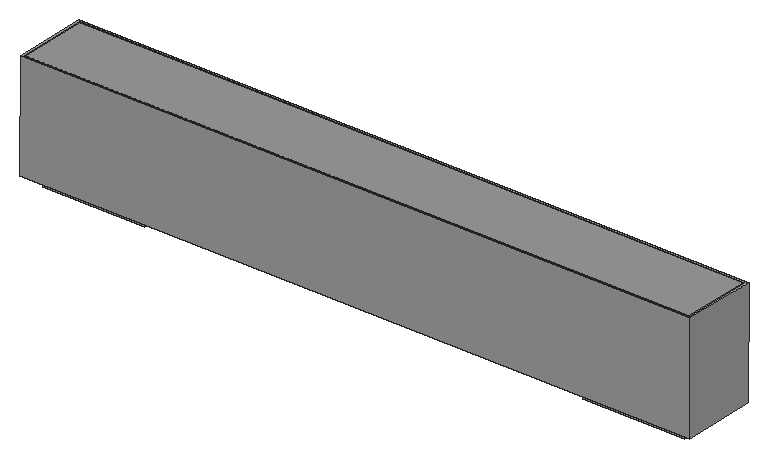
Revit family "Alcon - 15100_12 Inch-Linear", category Lighting Fixtures, host Face, Revit 2025
Family settings
  Host = Face
  Round Connector Dimension = Use Diameter
  Part Type = Normal
  Cut with Voids When Loaded = No
  Light Source = Yes
  Maintain Annotation Orientation = No
  Shared = No
  Room Calculation Point = No
Parameters
  Wattage = 9.2903 W
  built-in parameter 1150110 = 1 (stored number, unit not read)
  built-in parameter 1114217 = 1 (stored number, unit not read)
  built-in parameter 1150109 = 1 (stored number, unit not read)
  built-in parameter 1150134 = 3
  built-in parameter 1150113 = 1 (stored number, unit not read)
  built-in parameter 1150105 = 439.27 (stored number, unit not read)
  Lumens = 1380 lm
  built-in parameter 1150115 = 1 (stored number, unit not read)
  Light Source Symbol Size = 2' - 0"
  built-in parameter 1150137 = (empty or 0)
  built-in parameter 1150139 = (empty or 0)
  built-in parameter 1150112 = 1 (stored number, unit not read)
  built-in parameter 1150114 = 1 (stored number, unit not read)
  built-in parameter 1150132 = (empty or 0)
  built-in parameter 1150102 = (empty or 0)
  built-in parameter 1150107 = 3200 (stored number, unit not read)
  built-in parameter 1150138 = (empty or 0)
  built-in parameter 1150106 = 4.3927 (stored number, unit not read)
  Housing = Default
  Glass Frosted = Glass, Frosted
  Fixture Length = 0' - 11.9"
  Emit from Line Length = 2' - 0"
  built-in parameter 1150104 = 13.8 (stored number, unit not read)
  Dimming Lamp Color Temperature Shift = (empty or 0)
  Default Elevation = 4' - 0"
  Color Filter = 16777215
  built-in parameter 1114218 = 1 (stored number, unit not read)
  built-in parameter 1150133 = 10 (stored number, unit not read)
Reference planes (in)
  plane 1 "Center (Front/Back)": y = 0
  plane 2: z = 0
  plane 3 "Center (Left/Right)": x = 0
Forms (in)
  Extrusion 1, solid, material "Default" <- "Housing"
    sketch origin (0, 0, 0) x (0, 1, 0) y (0, 0, 1)
      loop
        line (0.65, 2.17) -> (-0.65, 2.17) -> (-0.65, 0.25) -> (0.65, 0.25) -> (0.65, 2.17)
    from 0 to 11.9
  Extrusion 2, void
    sketch origin (0, 0, 0) x (0, 1, 0) y (0, 0, 1)
      loop
        line (0.60703, 0.29297) -> (0.60703, 2.17) -> (-0.60703, 2.17) -> (-0.60703, 0.29297) -> (0.60703, 0.29297)
    from 0.04564 to 11.85551
  Extrusion 3, solid, material "Glass, Frosted" <- "Glass Frosted"
    sketch origin (0, 0.35, 2.17) x (0, -1, 0) y (1, 0, 0)
      loop
        line (-0.25703, 0.04564) -> (0.95703, 0.04564) -> (0.95703, 11.85551) -> (-0.25703, 11.85551) -> (-0.25703, 0.04564)
    from 0 to -0.0625
  Extrusion 4, solid, material "Default" <- "Housing"
    sketch origin (0.24219, 0.80127, 0) x (0, 1, 0) y (0, 0, 1)
      loop
        line (-0.32706, 0.25) -> (-1.25034, 0.25) -> (-1.25034, 0.0773) -> (-0.32706, 0.0773) -> (-0.32706, 0.25)
    from 0 to 1.8125
  Extrusion 5, solid, material "Default" <- "Housing"
    sketch origin (11.65781, 0.65, 0) x (0, -1, 0) y (0, 0, 1)
      loop
        line (0.17579, 0.0773) -> (1.09907, 0.0773) -> (1.09907, 0.25) -> (0.17579, 0.25) -> (0.17579, 0.0773)
    from 0 to 1.8125
Cuts and joins
  Extrusion 2 cuts Extrusion 1
Lines and regions (in)
  reference lines
    curve 1: line (0.24219, -2.48319, 0) -> (0.24219, 2.01681, 0)
    curve 2: line (11.65781, 2.01681, 0) -> (11.65781, -2.48319, 0)
Dimensions and locks (in)
  locked: Extrusion 5 sketch curve to cut or joined group of Extrusion 1, Extrusion 2 at 0.24219
  aligned and locked: plane 2 to host face
  aligned and locked: level to host face
